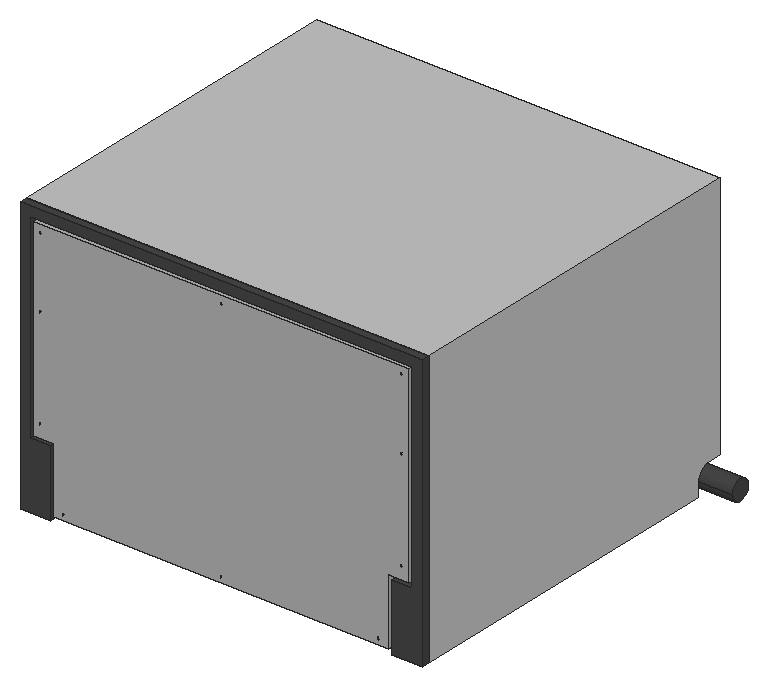
Revit family "FP_Revit_18_DD60SHI9_DishDrawer_90000918A", category Specialty Equipment, Revit 2018
Family settings
  Round Connector Dimension = Use Diameter
  Part Type = Normal
  OmniClass Number = 23.40.40.14.31
  OmniClass Title = Cleaning and Disposal Equipment
  Work Plane-Based = No
  Always vertical = Yes
  Cut with Voids When Loaded = Yes
  Shared = No
  Room Calculation Point = No
Parameters (values of type "DD60SHI9")
  Visibility - Handle = no
  Visibility - Door Panel = no
  Visibility - Clearance Required = yes
  URL = "www.fisherpaykel.com"
  Product - Width = 599 mm  # constant formula
  Product - Height = 410 mm  # constant formula
  Product - Depth = 553 mm  # constant formula
  Model = "DD60SHI9"
  Material - Trim = Fisher & Paykel - Black
  Material - Door Structure = Fisher & Paykel - Aluminium
  Material - Door Front = Fisher & Paykel - Stainless Steel
  Material - Body = Fisher & Paykel - Grey
  Manufacturer = "Fisher & Paykel Appliances"
  FFL Offset [instance] = 406 mm
  Description = "Integrated Single DishDrawer"
  Connector Description - Water = "3/4“ BSP (GB20) to suit Flat Washer"
  Connector Description - Sanitary = "Drain Hose, No Fitting Required"
  Connector Description - Electrical = "230 V, 15 A, fused electrical supply"
  Cavity - Width = 600 mm  # constant formula
  Cavity - Height = 412 mm  # constant formula
  Cavity - Depth = 560 mm  # constant formula
Types (3, lengths in mm): name | Model
  (no name) | "DD60SHI9"
  DD60SI9 | "DD60SI9"
  DD60SHI9 | "DD60SHI9"
Reference planes
  plane 1 "Datum": y = 0
  plane 2: z = 0
  plane 3 "Center (Left/Right)": x = 0
  plane 4: z = 0
  plane 5 "Product LHS": x = -299.5
  plane 6 "Product RHS": x = 299.5
  plane 7 "Product - Depth": y = 553
  plane 8 "Cavity LHS": x = -300
  plane 9 "Cavity RHS": x = 300
  plane 10 "Cavity - Depth": y = 560
  plane 11 "Product Height": z = 816
  plane 12 "Cavity - Height": z = 818
  plane 13 "FFL Offset": z = 406
  plane 14 "Door Front": y = -18
Forms (mm)
  Extrusion 1, solid, material "Fisher & Paykel - Grey" <- "Material - Body"
    sketch origin (0, 0, 0) x (0, 1, 0) y (0, 0, 1)
      loop
        line (12, 816) -> (12, 406) -> (513, 406) -> (513, 426)
        arc (513, 426) -> (518.858, 440.142) -> (533, 446) r 20
        line (533, 446) -> (553, 446) -> (553, 816) -> (12, 816)
    from -299.5 to 299.5
  Extrusion 2, solid, material "Fisher & Paykel - Aluminium" <- "Material - Door Structure", detail levels fine
    sketch origin (0, 0, 0) x (1, 0, 0) y (0, 0, 1)
      loop
        line (-279.5, 796) -> (-279.5, 511) -> (-249.5, 511) -> (-249.5, 412.713) -> (249.5, 412.713) -> (249.5, 511) -> (279.5, 511) -> (279.5, 796) -> (-279.5, 796)
      loop
        circle (-269.5, 680) r 1.502
      loop
        circle (-234.5, 421) r 1.5
      loop
        circle (-269.5, 530) r 1.5
      loop
        circle (-269.5, 786) r 1.5
      loop
        circle (0, 786) r 1.5
      loop
        circle (269.5, 680) r 1.502
      loop
        circle (269.5, 530) r 1.5
      loop
        circle (269.5, 786) r 1.5
      loop
        circle (0, 421) r 1.5
      loop
        circle (234.5, 421) r 1.5
    from -12 to 0
  Sweep 3, solid, material "Fisher & Paykel - Black", detail levels medium+fine
    path origin (0, 539.813, 406) x (1, 0, 0) y (0, 0, 1)
      loop
        line (-119.5, 75) -> (-119.5, 45.438)
        arc (-119.5, 45.438) -> (-125.358, 31.295) -> (-139.5, 25.437) r 20
        line (-139.5, 25.437) -> (-349.5, 25.437)
    profile origin (-119.5, 539.813, 466.219) x (0, -1, 0) y (1, 0, 0)
      loop
        circle (0, 0) r 9
  Extrusion 4, solid, material "Fisher & Paykel - Clearance Required", visible <- "Visibility - Clearance Required", detail levels coarse
    sketch origin (0, 0, 0) x (0, 1, 0) y (0, 0, 1)
      loop
        line (-18, 406) -> (-18, 816) -> (-545, 816) -> (-545, 743.132) -> (-587, 743.132) -> (-587, 727.132) -> (-545, 727.132) -> (-545, 406) -> (-18, 406)
    from -300 to 300
  Extrusion 5, solid, material "Fisher & Paykel - Clearance Required", visible <- "Visibility - Clearance Required", detail levels coarse
    sketch origin (0, 0, 0) x (1, 0, 0) y (0, 1, 0)
      loop
        line (300, 560) -> (-300, 560) -> (-300, 0) -> (300, 0) -> (300, 560)
    from 406 to 818
  Extrusion 6, solid, material "Fisher & Paykel - Black" <- "Material - Trim"
    sketch origin (0, 0, 0) x (1, 0, 0) y (0, 0, 1)
      loop
        line (-299.5, 816) -> (-299.5, 406) -> (-254.5, 406) -> (-254.5, 506) -> (-283.999, 506) -> (-283.999, 801) -> (284, 801) -> (284, 506) -> (254.5, 506) -> (254.5, 406) -> (299.5, 406) -> (299.5, 816) -> (-299.5, 816)
    from -12 to 0
  Sweep 7, solid, material "Fisher & Paykel - Black", detail levels medium+fine
    path origin (0, 0, 0) x (1, 0, 0) y (0, 1, 0)
      loop
        line (199.5, 513) -> (199.5, 514)
        arc (199.5, 514) -> (204.04, 524.96) -> (215, 529.5) r 15.5
        line (215, 529.5) -> (349.5, 529.5)
    profile origin (199.5, 513.5, 0) x (-1, 0, 0) y (0, 0, 1)
      loop
        circle (0, 427) r 15
  Sweep 8, solid, material "Fisher & Paykel - Black", detail levels medium+fine
    path origin (0, 0, 0) x (1, 0, 0) y (0, 1, 0)
      loop
        line (-33.982, 513) -> (-33.982, 516.982)
        arc (-33.982, 516.982) -> (-35.886, 521.579) -> (-40.482, 523.482) r 6.5
        line (-40.482, 523.482) -> (-349.5, 523.482)
    profile origin (-194.991, 523.482, 0) x (0, -1, 0) y (0, 0, 1)
      loop
        circle (0, 417.016) r 4
  Sweep 9, solid, material "Fisher & Paykel - Black", detail levels medium+fine
    path origin (0, 0, 0) x (1, 0, 0) y (0, 1, 0)
      loop
        line (-349.5, 522.999) -> (-215.482, 522.999)
        arc (-215.482, 522.999) -> (-211.239, 521.242) -> (-209.482, 516.999) r 6
        line (-209.482, 516.999) -> (-209.482, 513)
    profile origin (-209.482, 514.999, 0) x (1, 0, 0) y (0, 0, 1)
      loop
        circle (0, 426.938) r 5
  Extrusion 10, solid, material "Fisher & Paykel - Black", detail levels fine
    sketch origin (0, 0, 406) x (1, 0, 0) y (0, 0, 1)
      loop
        line (-27.5, 18) -> (-41.5, 18) -> (-41.5, 4) -> (-27.5, 4) -> (-27.5, 18)
    from -518 to -513
  Extrusion 11, void
    sketch origin (0, 0, 0) x (1, 0, 0) y (0, 1, 0)
      loop
        line (-300, 560) -> (-300, -18) -> (300, -18) -> (300, 560) -> (-300, 560)
    from 406 to 818
  Extrusion 12, solid, material "Fisher & Paykel - Stainless Steel" <- "Material - Door Front", visible <- "Visibility - Door Panel"
    sketch origin (0, 0, 0) x (1, 0, 0) y (0, 1, 0)
      loop
        line (297.5, 0) -> (-297.5, 0) -> (-297.5, -18) -> (297.5, -18) -> (297.5, 0)
    from 408 to 816
  Extrusion 13, void
    sketch origin (0, 0, 0) x (1, 0, 0) y (0, 0, 1)
      loop
        line (-9.5, 511) -> (-229.5, 511) -> (-229.5, 446) -> (-9.5, 446) -> (-9.5, 511)
    from -553 to -550
  Sweep 14, solid, material "Fisher & Paykel - Black", not visible, detail levels medium+fine
    path origin (0, 539.813, 1000) x (1, 0, 0) y (0, 0, 1)
      loop
        line (-119.5, 75) -> (-119.5, 45.438)
        arc (-119.5, 45.438) -> (-125.358, 31.295) -> (-139.5, 25.437) r 20
        line (-139.5, 25.437) -> (-349.5, 25.437)
    profile origin (-119.5, 539.813, 1060.219) x (0, -1, 0) y (1, 0, 0)
      loop
        circle (0, 0) r 9
  Sweep 15, solid, material "Fisher & Paykel - Black", not visible, detail levels medium+fine
    path origin (0, 0, 594) x (1, 0, 0) y (0, 1, 0)
      loop
        line (199.5, 513) -> (199.5, 514)
        arc (199.5, 514) -> (204.04, 524.96) -> (215, 529.5) r 15.5
        line (215, 529.5) -> (349.5, 529.5)
    profile origin (199.5, 513.5, 594) x (-1, 0, 0) y (0, 0, 1)
      loop
        circle (0, 427) r 15
  Sweep 16, solid, material "Fisher & Paykel - Black", not visible, detail levels medium+fine
    path origin (0, 0, 594) x (1, 0, 0) y (0, 1, 0)
      loop
        line (-33.982, 513) -> (-33.982, 516.982)
        arc (-33.982, 516.982) -> (-35.886, 521.579) -> (-40.482, 523.482) r 6.5
        line (-40.482, 523.482) -> (-349.5, 523.482)
    profile origin (-194.991, 523.482, 594) x (0, -1, 0) y (0, 0, 1)
      loop
        circle (0, 417.016) r 4
  Sweep 17, solid, material "Fisher & Paykel - Black", not visible, detail levels medium+fine
    path origin (0, 0, 594) x (1, 0, 0) y (0, 1, 0)
      loop
        line (-349.5, 522.999) -> (-215.482, 522.999)
        arc (-215.482, 522.999) -> (-211.239, 521.242) -> (-209.482, 516.999) r 6
        line (-209.482, 516.999) -> (-209.482, 513)
    profile origin (-209.482, 514.999, 594) x (1, 0, 0) y (0, 0, 1)
      loop
        circle (0, 426.938) r 5
  Extrusion 18, solid, material "Fisher & Paykel - Black", not visible, detail levels fine
    sketch origin (0, 0, 1000) x (1, 0, 0) y (0, 0, 1)
      loop
        line (-27.5, 18) -> (-41.5, 18) -> (-41.5, 4) -> (-27.5, 4) -> (-27.5, 18)
    from -518 to -513
Cuts and joins
  Extrusion 13 cuts Extrusion 2
  Extrusion 13 cuts Extrusion 4
  Extrusion 13 cuts Extrusion 12
  Extrusion 13 cuts Extrusion 1
Lines and regions (mm)
  model lines, style "Fisher & Paykel"
    curve 1: line (-297.5, 0, 816) -> (297.5, 0, 816)
    curve 2: line (-297.5, 0, 408) -> (-297.5, 0, 816)
    curve 3: line (297.5, 0, 408) -> (-297.5, 0, 408)
    curve 4: line (297.5, 0, 816) -> (297.5, 0, 408)
  model lines
    curve 5: line (-297.5, 0, 816) -> (297.5, 0, 816)
    curve 6: line (-297.5, 0, 408) -> (-297.5, 0, 816)
    curve 7: line (297.5, 0, 408) -> (-297.5, 0, 408)
    curve 8: line (297.5, 0, 816) -> (297.5, 0, 408)
  model lines, style "Fisher & Paykel", not visible
    curve 9: line (297.5, 0, 1002) -> (-297.5, 0, 1002)
  model lines, not visible
    curve 10: line (297.5, 0, 1002) -> (-297.5, 0, 1002)
Text (mm)
  text "Due to ongoing product development, product details are subject to change without notice. \nPlease always refer to www.fisherpaykel.com for the most current product information. \n© Fisher & Paykel 2020" at (41.04, -647.69, 0), in view "Ref. Level (Plan)"
Dimensions and locks
  equal spacing: plane 5 "Product LHS", plane 3 "Center (Left/Right)", plane 6 "Product RHS"
  "Product - Width": plane 5 "Product LHS" to plane 6 "Product RHS"
  "Product - Depth": plane 1 "Datum" to plane 7 "Product - Depth"
  equal spacing: plane 8 "Cavity LHS", plane 3 "Center (Left/Right)", plane 9 "Cavity RHS"
  "Cavity - Width": plane 8 "Cavity LHS" to plane 9 "Cavity RHS"
  "Cavity - Depth": plane 10 "Cavity - Depth" to plane 1 "Datum"
  "FFL Offset": plane 13 "FFL Offset" to level
  locked: plane 11 "Product Height" to nested 1 at 72.868
  locked: plane 13 "FFL Offset" to cut or joined group of Extrusion 12, Extrusion 13 at 2
  locked: Extrusion 2 sketch curve to plane 13 "FFL Offset" at 6.713
  locked: cut or joined group of Extrusion 1, Extrusion 13 to Extrusion 13 sketch curve at 65
  locked: cut or joined group of Extrusion 12, Extrusion 13 to plane 13 "FFL Offset" at 2
  locked: plane 13 "FFL Offset" to Sweep 3 at 75
  locked: Extrusion 1 sketch curve to plane 13 "FFL Offset" at 40
  "Product - Height": plane 11 "Product Height" to plane 13 "FFL Offset"
  "Cavity - Height": plane 13 "FFL Offset" to plane 12 "Cavity - Height"
  aligned and locked: level to plane 2
  aligned and locked: Extrusion 5 sketch curve to plane 8 "Cavity LHS"
  aligned and locked: plane 1 "Datum" to Extrusion 5 sketch curve
  aligned and locked: Extrusion 5 sketch curve to plane 9 "Cavity RHS"
  aligned and locked: Extrusion 4 to plane 13 "FFL Offset"
  aligned and locked: cut or joined group of Extrusion 4, Extrusion 13 to Extrusion 5
  aligned and locked: Extrusion 5 to plane 12 "Cavity - Height"
  aligned and locked: Extrusion 5 to Extrusion 1
  aligned and locked: plane 11 "Product Height" to Extrusion 1
  aligned and locked: Extrusion 6 sketch curve to plane 13 "FFL Offset"
  aligned and locked: Extrusion 6 sketch curve to Extrusion 6 sketch curve
  aligned and locked: plane 11 "Product Height" to Extrusion 12
  aligned and locked: cut or joined group of Extrusion 1, Extrusion 13 to Extrusion 13 sketch curve
  aligned and locked: Extrusion 2 sketch curve to Extrusion 2 sketch curve
  aligned and locked: Extrusion 11 to Extrusion 5  (x2)
Automatic sketch dimensions
  Sweep 3 sketch curve to profile plane = 0 mm
  profile plane to Sweep 3 sketch curve = 0 mm
  Sweep 3 sketch curve to Sweep 3 sketch curve = 20 mm
  Sweep 3 sketch curve to Sweep 3 sketch curve = 29.562 mm
  Sweep 7 sketch curve to profile plane = 0 mm
  Sweep 7 sketch curve to Sweep 7 sketch curve = 15.5 mm
  Sweep 7 sketch curve to Sweep 7 sketch curve = 1 mm
  Sweep 8 sketch curve to Sweep 8 sketch curve = 3.982 mm
  Sweep 8 sketch curve to Sweep 8 sketch curve = 6.5 mm
  Sweep 8 sketch curve to profile plane = 0 mm
  Sweep 9 sketch curve to Sweep 9 sketch curve = 6 mm
  Sweep 9 sketch curve to Sweep 9 sketch curve = 3.999 mm
  profile plane to Sweep 9 sketch curve = 0 mm
  Extrusion 10 sketch curve to Extrusion 10 sketch curve = 14 mm  (x2)
  Extrusion 5 sketch curve to plane 10 "Cavity - Depth" = 0 mm
  plane 1 "Datum" to Extrusion 11 sketch curve = 18 mm
  Extrusion 11 sketch curve to plane 8 "Cavity LHS" = 0 mm
  Extrusion 11 sketch curve to plane 9 "Cavity RHS" = 0 mm
  Extrusion 11 sketch curve to plane 10 "Cavity - Depth" = 0 mm
  plane 1 "Datum" to Extrusion 12 sketch curve = 0 mm
  plane 9 "Cavity RHS" to Extrusion 12 sketch curve = 597.5 mm
  plane 1 "Datum" to Extrusion 12 sketch curve = 18 mm
  Extrusion 12 sketch curve to Extrusion 12 sketch curve = 595 mm
  Extrusion 4 sketch curve to plane 11 "Product Height" = 0 mm
  level to Extrusion 4 sketch curve = 406 mm
  plane 1 "Datum" to Extrusion 4 sketch curve = 587 mm
  Extrusion 4 sketch curve to Extrusion 4 sketch curve = 42 mm  (x2)
  plane 1 "Datum" to Extrusion 4 sketch curve = 18 mm
  Extrusion 4 sketch curve to Extrusion 4 sketch curve = 16 mm
  Extrusion 4 sketch curve to Extrusion 4 sketch curve = 88.868 mm
  plane 11 "Product Height" to Extrusion 1 sketch curve = 0 mm
  Extrusion 1 sketch curve to plane 7 "Product - Depth" = 0 mm
  Extrusion 1 sketch curve to Extrusion 1 sketch curve = 20 mm  (x2)
  Extrusion 1 sketch curve to plane 1 "Datum" = 12 mm
  curve 6 to plane 11 "Product Height" = 0 mm
  curve 1 to plane 5 "Product LHS" = 2 mm
  plane 6 "Product RHS" to curve 5 = 2 mm
  Extrusion 1 sketch curve to plane 13 "FFL Offset" = 0 mm
  plane 5 "Product LHS" to Extrusion 6 sketch curve = 0 mm
  plane 6 "Product RHS" to Extrusion 6 sketch curve = 0 mm
  Extrusion 6 sketch curve to plane 5 "Product LHS" = 15.501 mm
  Extrusion 6 sketch curve to Extrusion 6 sketch curve = 29.499 mm
  plane 6 "Product RHS" to Extrusion 6 sketch curve = 45 mm
  plane 6 "Product RHS" to Extrusion 6 sketch curve = 15.5 mm
  plane 13 "FFL Offset" to Extrusion 6 sketch curve = 100 mm  (x2)
  Extrusion 6 sketch curve to plane 11 "Product Height" = 15 mm
  plane 11 "Product Height" to Extrusion 6 sketch curve = 0 mm
  Extrusion 13 sketch curve to plane 5 "Product LHS" = 70 mm
  Extrusion 13 sketch curve to plane 3 "Center (Left/Right)" = 9.5 mm
  plane 13 "FFL Offset" to curve 6 = 2 mm
  plane 13 "FFL Offset" to curve 4 = 2 mm
  Sweep 3 sketch curve to Sweep 3 sketch curve = 210 mm
  Sweep 7 sketch curve to Sweep 7 sketch curve = 134.5 mm
  profile plane to Sweep 7 sketch curve = 427 mm
  Sweep 8 sketch curve to Sweep 8 sketch curve = 309.018 mm
  profile plane to Sweep 8 sketch curve = 417.016 mm
  Sweep 9 sketch curve to Sweep 9 sketch curve = 134.018 mm
  profile plane to Sweep 9 sketch curve = 426.938 mm
  Sweep 14 sketch curve to profile plane = 0 mm
  profile plane to Sweep 14 sketch curve = 0 mm
  Sweep 14 sketch curve to Sweep 14 sketch curve = 20 mm
  Sweep 14 sketch curve to Sweep 14 sketch curve = 29.562 mm
  Sweep 15 sketch curve to profile plane = 0 mm
  Sweep 15 sketch curve to Sweep 15 sketch curve = 15.5 mm
  Sweep 15 sketch curve to Sweep 15 sketch curve = 1 mm
  Sweep 16 sketch curve to Sweep 16 sketch curve = 3.982 mm
  Sweep 16 sketch curve to Sweep 16 sketch curve = 6.5 mm
  Sweep 16 sketch curve to profile plane = 0 mm
  Sweep 17 sketch curve to Sweep 17 sketch curve = 6 mm
  Sweep 17 sketch curve to Sweep 17 sketch curve = 3.999 mm
  profile plane to Sweep 17 sketch curve = 0 mm
  Extrusion 18 sketch curve to Extrusion 18 sketch curve = 14 mm  (x2)
  Sweep 14 sketch curve to Sweep 14 sketch curve = 210 mm
  Sweep 15 sketch curve to Sweep 15 sketch curve = 134.5 mm
  profile plane to Sweep 15 sketch curve = 427 mm
  Sweep 16 sketch curve to Sweep 16 sketch curve = 309.018 mm
  profile plane to Sweep 16 sketch curve = 417.016 mm
  Sweep 17 sketch curve to Sweep 17 sketch curve = 134.018 mm
  profile plane to Sweep 17 sketch curve = 426.938 mm
  Extrusion 2 sketch curve to plane 3 "Center (Left/Right)" = 0 mm  (x2)
  plane 13 "FFL Offset" to Extrusion 2 sketch curve = 15 mm  (x3)
  Extrusion 2 sketch curve to plane 5 "Product LHS" = 65 mm
  Extrusion 2 sketch curve to Extrusion 2 sketch curve = 15 mm
  Extrusion 2 sketch curve to plane 5 "Product LHS" = 30 mm  (x2)
  Extrusion 2 sketch curve to Extrusion 2 sketch curve = 20 mm  (x2)
  Extrusion 2 sketch curve to plane 5 "Product LHS" = 20 mm
  plane 6 "Product RHS" to Extrusion 2 sketch curve = 65 mm
  plane 6 "Product RHS" to Extrusion 2 sketch curve = 50 mm
  plane 6 "Product RHS" to Extrusion 2 sketch curve = 30 mm  (x2)
  Extrusion 2 sketch curve to Extrusion 2 sketch curve = 10 mm  (x2)
  Extrusion 2 sketch curve to Extrusion 2 sketch curve = 90 mm
  Extrusion 2 sketch curve to Extrusion 2 sketch curve = 19 mm  (x2)
  Extrusion 2 sketch curve to Extrusion 2 sketch curve = 150 mm  (x2)
  Extrusion 2 sketch curve to plane 11 "Product Height" = 30 mm  (x3)
  radius of Sweep 3 sketch curve = 9 mm
  radius of Sweep 7 sketch curve = 15 mm
  radius of Sweep 8 sketch curve = 4 mm
  radius of Sweep 9 sketch curve = 5 mm
  radius of Sweep 14 sketch curve = 9 mm
  radius of Sweep 15 sketch curve = 15 mm
  radius of Sweep 16 sketch curve = 4 mm
  radius of Sweep 17 sketch curve = 5 mm
  radius of Extrusion 2 sketch curve = 1.502 mm  (x2)
  radius of Extrusion 2 sketch curve = 1.5 mm  (x8)
Nested families
  nested 1: "F&P Handle Contemporary Square - Horizontal" at (0, -18, 735.154), visible <- "Visibility - Handle", type "565mm"
Connectors
  piping at (-349.5, 539.813, 431.437), diameter 15.9, driven by "Connector Description - Sanitary"
    settings: on Sweep 3, index 4, connector inside diameter 609.6 mm, connector length 0 mm, flow factor 0, pipe flow 0.0 L/s, pressure drop 0.0 Pa, fitting loss kfactor 0, connector angle 0.00°, fixture units 0, engagement length 0 mm, angle of deflection 0.00°, flow configuration 0, flow direction 2, fitting loss method 0, system type 16, joint type 0, gender type 0, connector reference index -1, connector utility 0, adjustable connector no, is connector primary yes, connector description "Drain Hose, No Fitting Required"
  piping at (349.5, 529.5, 427), diameter 30
    settings: on Sweep 7, index 5, connector inside diameter 609.6 mm, connector length 0 mm, flow factor 0, pipe flow 0.0 L/s, pressure drop 0.0 Pa, fitting loss kfactor 0, connector angle 0.00°, fixture units 0, engagement length 0 mm, angle of deflection 0.00°, flow configuration 0, flow direction 2, fitting loss method 0, system type 17, joint type 0, gender type 0, connector reference index -1, connector utility 0, adjustable connector no, is connector primary no, connector description "Vent hose for Fan Assisted Drying"
  piping at (-349.5, 522.999, 426.938), diameter 10, driven by "Connector Description - Water"
    settings: on Sweep 9, index 6, connector inside diameter 609.6 mm, connector length 0 mm, flow factor 0, pipe flow 0.0 L/s, pressure drop 0.0 Pa, fitting loss kfactor 0, connector angle 0.00°, fixture units 0, engagement length 0 mm, angle of deflection 0.00°, flow configuration 0, flow direction 1, fitting loss method 0, system type 20, joint type 0, gender type 0, connector reference index -1, connector utility 0, adjustable connector no, is connector primary no, connector description "3/4“ BSP (GB20) to suit Flat Washer"
  electrical at (-349.5, 523.482, 417.016), driven by "Connector Description - Electrical"
    settings: on Sweep 8, index 7, voltage 230 V, apparent load 0 VA, apparent load phase1 0 VA, apparent load phase2 0 VA, apparent load phase3 0 VA, power factor 1, load classification "Other", number of poles 1, system type 30, power factor state 1, is connector primary yes, connector utility no, sub classification motor no, connector description "230 V, 15 A, fused electrical supply"
Definition of nested family "F&P Handle Contemporary Square - Horizontal"
  Parameters (values of type "565mm")
    URL = "www.fisherpaykel.com"
    Material - Handle = none
    Manufacturer = "Fisher & Paykel Appliances"
    Handle - Standoff = 100 mm
    Handle - Length = 565 mm
  Reference planes
    plane 1 "Center (Front/Back)": y = 0
    plane 2: z = 0
    plane 3 "Center (Left/Right)": x = 0
    plane 4 "Product LHS": x = -282.5
    plane 5 "Product RHS": x = 282.5
    plane 6 "LHS Standoff": x = -182.5
    plane 7 "RHS Standoff": x = 182.5
  Forms (mm)
    Extrusion 1, solid, material <- "Material - Handle", detail levels fine
      sketch origin (0, 0, 0) x (0, 1, 0) y (0, 0, 1)
        loop
          arc (-27.701, 7.561) -> (-28.057, 7.868) -> (-28.514, 7.978) r 1
          line (-28.514, 7.978) -> (-39.5, 7.978)
          arc (-39.5, 7.978) -> (-40.561, 7.539) -> (-41, 6.478) r 1.5
          line (-41, 6.478) -> (-41, -6.522)
          arc (-41, -6.522) -> (-40.561, -7.583) -> (-39.5, -8.022) r 1.5
          line (-39.5, -8.022) -> (-28.487, -8.022)
          arc (-28.487, -8.022) -> (-28.029, -7.911) -> (-27.673, -7.602) r 1
          arc (-27.673, -7.602) -> (-25.256, -0.016) -> (-27.701, 7.561) r 13.038
      from -282.5 to 282.5
    Extrusion 2, solid, material <- "Material - Handle", detail levels fine
      sketch origin (0, 0, 0) x (0, 1, 0) y (0, 0, 1)
        loop
          arc (-27.23, 7.062) -> (-25.156, 0.008) -> (-27.198, -7.056) r 13.136
          arc (-27.198, -7.056) -> (-27.21, -7.463) -> (-26.86, -7.67) r 0.4
          line (-26.86, -7.67) -> (0, -7.67) -> (0, 7.678) -> (-26.893, 7.678)
          arc (-26.893, 7.678) -> (-27.244, 7.47) -> (-27.23, 7.062) r 0.4
      from 182.5 to 282.5
    Extrusion 3, solid, material <- "Material - Handle", detail levels fine
      sketch origin (0, 0, 0) x (0, 1, 0) y (0, 0, -1)
        loop
          arc (-27.23, -7.062) -> (-27.244, -7.47) -> (-26.893, -7.678) r 0.4
          line (-26.893, -7.678) -> (0, -7.678) -> (0, 7.67) -> (-26.86, 7.67)
          arc (-26.86, 7.67) -> (-27.21, 7.463) -> (-27.198, 7.056) r 0.4
          arc (-27.198, 7.056) -> (-25.156, -0.008) -> (-27.23, -7.062) r 13.136
      from 182.5 to 282.5
    Sweep 4, void
      path in 3D
        loop
          line (282.5, -28.514, 7.978) -> (282.5, -39.5, 7.978)
          arc (282.5, -39.5, 7.978) -> (282.5, -40.561, 7.539) -> (282.5, -41, 6.478) r 1.5
          line (282.5, -41, 6.478) -> (282.5, -41, -6.522)
          arc (282.5, -41, -6.522) -> (282.5, -40.561, -7.583) -> (282.5, -39.5, -8.022) r 1.5
          line (282.5, -39.5, -8.022) -> (282.5, -28.487, -8.022)
      profile origin (282.5, -34.007, 7.978) x (1, 0, 0) y (0, 0, 1)
        loop
          line (0, 0) -> (-1.3, 0) -> (0, -1.3) -> (0, 0)
    Sweep 5, void
      path in 3D
        loop
          line (-282.5, -28.487, -8.022) -> (-282.5, -39.5, -8.022)
          arc (-282.5, -39.5, -8.022) -> (-282.5, -40.561, -7.583) -> (-282.5, -41, -6.522) r 1.5
          line (-282.5, -41, -6.522) -> (-282.5, -41, 6.478)
          arc (-282.5, -41, 6.478) -> (-282.5, -40.561, 7.539) -> (-282.5, -39.5, 7.978) r 1.5
          line (-282.5, -39.5, 7.978) -> (-282.5, -28.514, 7.978)
      profile origin (-282.5, -34.007, 7.978) x (-1, 0, 0) y (0, 0, 1)
        loop
          line (0, 0) -> (-1.3, 0) -> (0, -1.3) -> (0, 0)
    Extrusion 6, void
      sketch origin (0, 0, 0) x (1, 0, 0) y (0, 0, 1)
        loop
          line (282.5, 7.978) -> (281.2, 7.978) -> (282.5, 6.678) -> (282.5, 7.978)
        loop
          line (282.5, -8.022) -> (282.5, -6.722) -> (281.2, -8.022) -> (282.5, -8.022)
      from 0 to 28.514
    Extrusion 7, void
      sketch origin (0, 0, 0) x (1, 0, 0) y (0, 0, 1)
        loop
          line (-282.5, 7.978) -> (-282.5, 6.678) -> (-281.2, 7.978) -> (-282.5, 7.978)
        loop
          line (-282.5, -8.022) -> (-281.2, -8.022) -> (-282.5, -6.722) -> (-282.5, -8.022)
      from 0 to 28.487
    Extrusion 8, solid, material <- "Material - Handle", detail levels coarse+medium
      sketch origin (0, 0, 0) x (1, 0, 0) y (0, 1, 0)
        loop
          line (-282.5, -41) -> (282.5, -41) -> (282.5, 0) -> (182.5, 0) -> (182.5, -26.156) -> (-182.5, -26.156) -> (-182.5, 0) -> (-282.5, 0) -> (-282.5, -41)
      from -8.022 to 7.978
  Cuts and joins
    Sweep 4, Sweep 5, Extrusion 6, Extrusion 7 cuts Extrusion 1
    Extrusion 6 cuts Extrusion 2
    Extrusion 7 cuts Extrusion 3
  Lines and regions (mm)
    sketch lines
      curve 1: line (282.5, -28.514, 7.978) -> (282.5, -39.5, 7.978)
      curve 2: arc (282.5, -41, 6.478) -> (282.5, -40.561, 7.539) -> (282.5, -39.5, 7.978) r 1.5
      curve 3: line (282.5, -41, 6.478) -> (282.5, -41, -6.522)
      curve 4: arc (282.5, -39.5, -8.022) -> (282.5, -40.561, -7.583) -> (282.5, -41, -6.522) r 1.5
      curve 5: line (282.5, -39.5, -8.022) -> (282.5, -28.487, -8.022)
      curve 6: line (-282.5, -39.5, 7.978) -> (-282.5, -28.514, 7.978)
      curve 7: arc (-282.5, -39.5, 7.978) -> (-282.5, -40.561, 7.539) -> (-282.5, -41, 6.478) r 1.5
      curve 8: line (-282.5, -41, -6.522) -> (-282.5, -41, 6.478)
      curve 9: arc (-282.5, -41, -6.522) -> (-282.5, -40.561, -7.583) -> (-282.5, -39.5, -8.022) r 1.5
      curve 10: line (-282.5, -28.487, -8.022) -> (-282.5, -39.5, -8.022)
  Dimensions and locks
    equal spacing: plane 4 "Product LHS", plane 3 "Center (Left/Right)", plane 5 "Product RHS"
    "Handle - Length": plane 4 "Product LHS" to plane 5 "Product RHS"
    "Handle - Standoff": plane 4 "Product LHS" to plane 6 "LHS Standoff"
    "Handle - Standoff": plane 7 "RHS Standoff" to plane 5 "Product RHS"
    Extrusion 8 to plane 1 "Center (Front/Back)" = 41 mm
    aligned and locked: level to plane 2
    aligned and locked: Extrusion 1 to plane 5 "Product RHS"
    aligned and locked: plane 4 "Product LHS" to Extrusion 1
    aligned and locked: Extrusion 2 to plane 5 "Product RHS"
    aligned and locked: plane 4 "Product LHS" to Extrusion 3
    aligned and locked: plane 4 "Product LHS" to Extrusion 8 sketch curve
    aligned and locked: Extrusion 8 sketch curve to plane 5 "Product RHS"
    aligned and locked: Extrusion 8 sketch curve to plane 7 "RHS Standoff"
    aligned and locked: plane 6 "LHS Standoff" to Extrusion 8 sketch curve
    aligned and locked: Extrusion 2 to plane 7 "RHS Standoff"
    aligned and locked: plane 6 "LHS Standoff" to Extrusion 3
  Automatic sketch dimensions
    Extrusion 1 sketch curve to level = 6.522 mm
    plane 1 "Center (Front/Back)" to Extrusion 1 sketch curve = 41 mm
    Extrusion 1 sketch curve to Extrusion 1 sketch curve = 1.5 mm  (x2)
    Extrusion 1 sketch curve to level = 0.04 mm
    Extrusion 1 sketch curve to Extrusion 1 sketch curve = 1.206 mm
    level to Extrusion 1 sketch curve = 6.978 mm
    Extrusion 1 sketch curve to Extrusion 1 sketch curve = 10.986 mm
    Extrusion 1 sketch curve to Extrusion 1 sketch curve = 11.013 mm
    Extrusion 1 sketch curve to Extrusion 1 sketch curve = 1 mm
    level to Extrusion 1 sketch curve = 6.478 mm
    Extrusion 1 sketch curve to Extrusion 1 sketch curve = 0 mm
    Extrusion 2 sketch curve to plane 1 "Center (Front/Back)" = 0 mm
    Extrusion 2 sketch curve to level = 7.67 mm
    Extrusion 2 sketch curve to Extrusion 2 sketch curve = 26.86 mm
    level to Extrusion 2 sketch curve = 7.678 mm
    Extrusion 2 sketch curve to Extrusion 2 sketch curve = 0.033 mm
    Extrusion 2 sketch curve to level = 0.022 mm
    Extrusion 2 sketch curve to Extrusion 2 sketch curve = 11.398 mm
    Extrusion 2 sketch curve to Extrusion 2 sketch curve = 0.4 mm  (x2)
    Extrusion 2 sketch curve to Extrusion 2 sketch curve = 0 mm
    Extrusion 3 sketch curve to plane 1 "Center (Front/Back)" = 0 mm
    Extrusion 3 sketch curve to level = 7.67 mm
    Extrusion 3 sketch curve to Extrusion 3 sketch curve = 26.86 mm
    level to Extrusion 3 sketch curve = 7.678 mm
    Extrusion 3 sketch curve to Extrusion 3 sketch curve = 0.033 mm
    Extrusion 3 sketch curve to level = 0.022 mm
    Extrusion 3 sketch curve to Extrusion 3 sketch curve = 11.398 mm
    Extrusion 3 sketch curve to Extrusion 3 sketch curve = 0.4 mm  (x2)
    Extrusion 3 sketch curve to Extrusion 3 sketch curve = 0 mm
    profile plane to Sweep 4 sketch curve = 0 mm
    Sweep 4 sketch curve to profile plane = 0 mm
    Sweep 4 sketch curve to profile plane = 1.3 mm
    profile plane to Sweep 4 sketch curve = 1.3 mm
    Sweep 5 sketch curve to profile plane = 0 mm  (x2)
    profile plane to Sweep 5 sketch curve = 1.3 mm
    Sweep 5 sketch curve to profile plane = 1.3 mm
    plane 5 "Product RHS" to Extrusion 6 sketch curve = 0 mm  (x2)
    Extrusion 6 sketch curve to Extrusion 6 sketch curve = 1.3 mm  (x4)
    Extrusion 6 sketch curve to level = 6.722 mm
    level to Extrusion 6 sketch curve = 6.678 mm
    plane 4 "Product LHS" to Extrusion 7 sketch curve = 0 mm  (x2)
    Extrusion 7 sketch curve to plane 4 "Product LHS" = 1.3 mm  (x2)
    Extrusion 7 sketch curve to level = 8.022 mm
    level to Extrusion 7 sketch curve = 6.678 mm
    Extrusion 7 sketch curve to Extrusion 7 sketch curve = 1.3 mm  (x2)
    plane 1 "Center (Front/Back)" to Extrusion 8 sketch curve = 0 mm  (x2)
    Extrusion 8 sketch curve to Extrusion 8 sketch curve = 26.156 mm
    Extrusion 8 sketch curve to Extrusion 8 sketch curve = 41 mm
